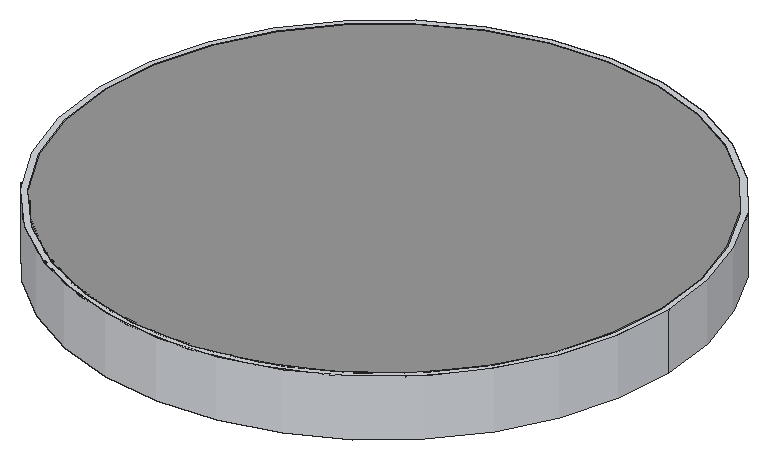
Revit family "2071226", category Lighting Fixtures, host Face, Revit 2018
Family settings
  Host = Face
  Round Connector Dimension = Use Diameter
  Part Type = Normal
  OmniClass Number = 23.80.70.00
  OmniClass Title = Lighting
  Cut with Voids When Loaded = No
  Light Source = Yes
  Shared = No
  Room Calculation Point = No
Parameters (values of type "2071226 COLOSSAL 600 940 OP DIR+H WHT SSC")
  iner diameter = 588 mm
  Weight = "n/a"
  Wattage Comments = ""
  Wattage = 30 W
  WarrantyStartDate [instance] = "n/a"
  WarrantyGuarantorParts = "n/a"
  WarrantyDurationUnit = "n/a"
  WarrantyDurationParts = ""
  WarrantyDescription = "http://www.sylvania-lighting.com"
  built-in parameter 1150110 = 1 (stored number, unit not read)
  Voltage = 230 V
  URL = "0.99"
  TypeName = "COLOSSAL 600mm 940 OPAL DIR+HAL WHITE SSC"
  Type Image = <None>
  Type Comments = "n/a"
  built-in parameter 1114217 = 1 (stored number, unit not read)
  Tilt Angle = -90.00°
  built-in parameter 1150109 = 1 (stored number, unit not read)
  built-in parameter 1150134 = (empty or 0)
  built-in parameter 1150113 = 1 (stored number, unit not read)
  SerialNumber [instance] = "n/a"
  Photometric Web File = "2071226.ies"
  Material_3_SYL = LED-Sylvania
  PowerFactor = 0
  PowerConsumption = "Lighting"
  NominalLength = 600 mm
  NominalHeight = 93 mm
  NominalDepth = 600 mm
  Name = "COLOSSAL 600mm 940 OPAL DIR+HAL WHITE SSC"
  ModelReference = Name  # "COLOSSAL 600mm 940 OPAL DIR+HAL WHITE SSC"
  ModelNumber = "2071226"
  Model = Name  # "COLOSSAL 600mm 940 OPAL DIR+HAL WHITE SSC"
  Material = "Feilo Sylvania"
  ManufacturerName = "116 lm/W"
  Manufacturer = ""
  LuminousEfficacy = ""
  built-in parameter 1150105 = 270.44 (stored number, unit not read)
  Lumens = 3398.4 lm
  LuminaireType = "0"
  built-in parameter 1150115 = 1 (stored number, unit not read)
  LightOutputRatio = "LED"
  built-in parameter 1150137 = (empty or 0)
  built-in parameter 1150139 = (empty or 0)
  LampsType = Lamp  # "n/a"
  LampNominalLuminous = "4000 K"
  LampMacAdamStep = "90"
  LampColourTemperature = "LED"
  LampColourRenderingIndex = "16500"
  built-in parameter 1150112 = 1 (stored number, unit not read)
  built-in parameter 1150114 = 1 (stored number, unit not read)
  Lamp = "n/a"
  Keynote = "n/a"
  InstallationDate [instance] = "n/a"
  InputVoltage = "0"
  InputNominalFrequency = "4000"
  built-in parameter 1150132 = (empty or 0)
  built-in parameter 1150102 = (empty or 0)
  built-in parameter 1150107 = 3000 (stored number, unit not read)
  built-in parameter 1150138 = (empty or 0)
  IngressProtection = "IfcLightFixtureType"
  ImpactProtectionIndex = "IfcLightFixtureType"
  built-in parameter 1150106 = 2.7044 (stored number, unit not read)
  IfcExportType = "IfcLightFixtureType"
  IfcExportAs = "Class I"
  Emit from Circle Diameter = 385 mm
  Emit Shape Visible in Rendering = no
  ElectricShockClassification = "116"
  built-in parameter 1150104 = 10.524 (stored number, unit not read)
  DocumentationLiterature = "http://www.sylvania-lighting.com/product/en-int/products/2071226"
  DimmingControlOptions = "n/a"
  Material_2_SYL = Polycarbonate_Sylvania_White
  Dimming Lamp Color Temperature Shift = <None>
  Description = "600mm diameter circular architectural luminaire, can be surface mounted or suspended. Powder coated aluminium housing (RAL9016) with polycarbonate opal diffuser. Direct/indirect (halo) light distribution, 4635lm luminuous flux, 40.1W system power, 116lm/W luminiaire efficacy. Sylsmart Standalone enabled. Colour rendering index Ra >90, 4000K Neutral White LED, chromaticity tolerance of 3-step MacAdam ellipse. IP40, IK03. 450mA drive current. Electrical protection Class1, 220-240V. Reported lifetime 66k hours L90B10."
  Default Elevation = 1219.2 mm
  CreatedOn = "23/03/2022"
  CreatedBy = "@sylvania-lighting.com"
  Cost = 0
  Color Filter = 16777215
  built-in parameter 1114216 [instance] = (empty or 0)
  ClassificationValue = "EF_70_80"
  ClassificationName = "Uniclass2015"
  Material_1_SYL = Polycarbonate_Sylvania_Opal
  BarCode [instance] = "n/a"
  built-in parameter 1114218 = 1 (stored number, unit not read)
  built-in parameter 1150133 = 10 (stored number, unit not read)
  AssetType = "Fixed"
  AssetIdentifier [instance] = "n/a"
  Assembly Code = "D5020200"
  Apparent Load = 40.1 VA
  Material_4_SYL = none
Reference planes
  plane 1 "Center (Front/Back)": y = 0
  plane 2: z = 0
  plane 3 "Center (Left/Right)": x = 0
  plane 4: x = -300
  plane 5: x = 300
  plane 6: y = 300
  plane 7: y = -300
  plane 8: y = 212
  plane 9: y = -212
  plane 10: z = 93
  plane 11: y = 294
  plane 12: y = -294
  plane 13: through (0, 0, 1219.2) normal (0.5, -0.866, 0)
  plane 14: through (-134.29, 20.617, 1219.2) normal (0.5, -0.866, 0)
  plane 15: through (-144.685, -181.683, 1219.2) normal (-0.5, 0.866, 0)
  plane 16: through (0, 0, 1219.2) normal (0.5, 0.866, 0)
  plane 17: through (178.555, -4.939, 1219.2) normal (0.5, 0.866, 0)
  plane 18: through (87.581, -148.715, 1219.2) normal (0.5, 0.866, 0)
  plane 19: y = 272
  plane 20: through (105.168, 227.067, 1219.2) normal (0.866, 0.5, 0)
  plane 21: through (-104.171, 225.672, 1219.2) normal (0.8572, -0.515, 0)
  plane 22: y = -204.612
  plane 23: through (-296.643, -30.2, 1219.2) normal (0.866, 0.5, 0)
  plane 24: through (153.092, -278.837, 1219.2) normal (-0.866, 0.5, 0)
Forms (mm)
  Extrusion 1, solid, detail levels medium+fine
    sketch origin (0, 0, 0) x (1, 0, 0) y (0, 1, 0)
      loop
        circle (0, 0) r 300
    from 33.023 to 93
  Extrusion 2, void
    sketch origin (0, 0, 0) x (1, 0, 0) y (0, 1, 0)
      loop
        circle (0, 0) r 294
    from 93 to 37.292
  Extrusion 3, solid, material "Glass, White, High Luminance", detail levels fine
    sketch origin (0, 0, 0) x (1, 0, 0) y (0, 1, 0)
      loop
        circle (0, 0) r 294
    from 88.026 to 93
  Extrusion 4, solid, detail levels coarse
    sketch origin (0, 0, 0) x (1, 0, 0) y (0, 1, 0)
      loop
        line (-300, 300) -> (-300, -300) -> (300, -300) -> (300, 300) -> (-300, 300)
    from 0 to 93
  Blend 5, solid, detail levels medium+fine
    base sketch origin (0, 0, 0) x (1, 0, 0) y (0, 1, 0)
      loop
        line (-76.334, 272) -> (-277.665, -63.07) -> (-195.946, -204.612) -> (195.946, -204.612) -> (275.172, -67.388) -> (79.226, 272) -> (-76.334, 272)
    top sketch origin (0, 0, 0) x (1, 0, 0) y (0, 1, 0)
      loop
        line (-226.097, -32.388) -> (-141.097, -179.612) -> (141.097, -179.612) -> (226.097, -32.388) -> (85, 212) -> (-85, 212) -> (-226.097, -32.388)
    from 33.023 to 0
Cuts and joins
  Extrusion 2 cuts Extrusion 1
Lines and regions (mm)
  model lines
    curve 1: line (-85, 212, 0) -> (0, 212, 0)
    curve 2: line (0, 212, 0) -> (85, 212, 0)
Dimensions and locks
  "NominalDepth": plane 6 to plane 7
  "NominalLength": plane 4 to plane 5
  equal spacing: plane 4, plane 3 "Center (Left/Right)", plane 5
  "iner diameter": plane 11 to plane 12
  equal spacing: plane 11, plane 1 "Center (Front/Back)", plane 12
  equal spacing: plane 6, plane 1 "Center (Front/Back)", plane 7
  "NominalHeight": plane 10 to level
  radius of Extrusion 2 sketch curve = 294 mm
  aligned and locked: plane 2 to host face
  aligned and locked: level to host face
Automatic sketch dimensions
  host sketch curve to host sketch curve = 2438.4 mm  (x2)
  plane 1 "Center (Front/Back)" to Extrusion 1 sketch curve = 0 mm
  Extrusion 1 sketch curve to plane 3 "Center (Left/Right)" = 0 mm
  plane 1 "Center (Front/Back)" to Extrusion 2 sketch curve = 0 mm
  Extrusion 2 sketch curve to plane 3 "Center (Left/Right)" = 0 mm
  plane 1 "Center (Front/Back)" to Extrusion 3 sketch curve = 0 mm
  Extrusion 3 sketch curve to plane 3 "Center (Left/Right)" = 0 mm
  Extrusion 4 sketch curve to plane 4 = 0 mm
  Extrusion 4 sketch curve to plane 5 = 0 mm
  Extrusion 4 sketch curve to plane 7 = 0 mm
  Extrusion 4 sketch curve to plane 6 = 0 mm
  Blend 5 sketch curve to plane 8 = 0 mm
  Blend 5 sketch curve to plane 3 "Center (Left/Right)" = 85 mm
  plane 3 "Center (Left/Right)" to Blend 5 sketch curve = 85 mm
  plane 9 to Blend 5 sketch curve = 32.388 mm
  plane 3 "Center (Left/Right)" to Blend 5 sketch curve = 141.097 mm
  plane 1 "Center (Front/Back)" to Blend 5 sketch curve = 32.388 mm  (x2)
  Blend 5 sketch curve to plane 5 = 73.903 mm
  Blend 5 sketch curve to plane 3 "Center (Left/Right)" = 141.097 mm
  plane 4 to Blend 5 sketch curve = 73.903 mm
  curve 1 to plane 8 = 0 mm
  curve 2 to plane 3 "Center (Left/Right)" = 0 mm
  curve 1 to plane 3 "Center (Left/Right)" = 85 mm
  curve 1 to curve 2 = 85 mm
  Blend 5 sketch curve to plane 21 = 0 mm
  Blend 5 sketch curve to plane 23 = 0 mm  (x2)
  Blend 5 sketch curve to plane 22 = 0 mm
  Blend 5 sketch curve to plane 19 = 0 mm
  plane 21 to Blend 5 sketch curve = 0 mm
  Blend 5 sketch curve to plane 20 = 0 mm  (x2)
  Blend 5 sketch curve to plane 24 = 0 mm  (x2)
  radius of Extrusion 1 sketch curve = 300 mm
  radius of Extrusion 3 sketch curve = 294 mm
Connectors
  electrical at (0, 0, 0), driven by "Apparent Load", driven by "PowerFactor", driven by "Voltage"
    settings: index 1, voltage 230 V, apparent load 40.1 VA, apparent load phase1 0 VA, apparent load phase2 0 VA, apparent load phase3 0 VA, power factor 0, load classification "Lighting", number of poles 1, system type 30, power factor state 1, is connector primary yes, connector utility no, sub classification motor no, connector description ""
